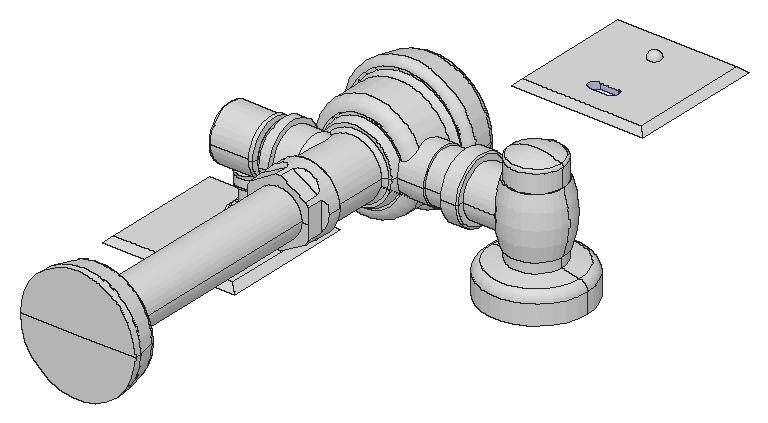
Revit family "Plumbing-Flushometer-Sloan-Valve-Sloan-111-ESS_", category Plumbing Fixtures, host Face, Revit 2019
Family settings
  Host = Face
  Round Connector Dimension = Use Diameter
  Part Type = Normal
  OmniClass Number = 23.45.05.14.99
  OmniClass Title = Other Sanitary Washing Plumbing Fixtures
  Cut with Voids When Loaded = No
  Shared = No
  Room Calculation Point = No
Parameters (values of type "Not a Type - Load Type Catalog!")
  Water Inlet Connection Diameter = 3" / 4  # 3/4"
  Waste Connection = no
  WFU = 0
  Voltage = 24 V
  Vent Connection = no
  Valve Pressure Drop = 0.00 psi
  URL = "www.sloanvalve.com"
  True Mechanical Override = no
  Product data url = "https://bimobject.com/sloan_valve/product/flushometers_sloan-111-ess"
  Product Material = Sloan Valve - Finish - Polished Chrome
  Product Guid = ""
  Power Factor = 1
  Part Number = ""
  Operating Water Pressure = "15 – 80 PSI (103 – 552 kPa)"  # constant formula
  Number of Poles = 1
  Model = "Model not specified - Load type catalog!"
  Manufacturer = "Sloan Valve"  # constant formula
  Keynote = "15410"
  Height = 23"  # constant formula
  HWFU = 0
  HW Connection = no
  Flush Rate = "0"
  Edition number = 1
  Description = ""
  Default Elevation = 0"
  Current = 0 A
  Centerline of Supply to Centerline of Valve = 4 3/4"  # constant formula
  Centerline of Supply from Top of Fixture = 11 1/2"  # constant formula
  CWFU = 0
  CW Connection = yes
  Assembly Code = "D2020300"
  Array Distance = 0"  # constant formula
  Array Count = if(True Mechanical Override, 2, 3)  # 3
  Apparent Load = (Voltage * Current) / (Power Factor * Number of Poles)  # 0 VA
Reference planes (in)
  plane 1 "Center (Front/Back)": y = 0
  plane 2: z = 0
  plane 3 "Center (Left/Right)": x = 0
  plane 4: y = -11.5
  plane 5: x = -2.83227
  plane 6: x = -2.83227
Forms (in)
  Extrusion 1, solid, material "Sloan Valve - Finish - Polished Chrome" <- "Product Material", not visible
    sketch origin (0, 0, 0) x (1, 0, 0) y (0, 1, 0)
      loop
        circle (-2.83227, -2.5) r 0.10921
    from 0 to 0.09375
  Extrusion 2, solid, material "Sloan Valve - Finish - Polished Chrome" <- "Product Material", not visible
    sketch origin (0, 0, 0) x (1, 0, 0) y (0, 1, 0)
      loop
        circle (-2.83227, -2.5) r 0.10921
    from 0 to 0.09375
  Extrusion 3, solid, material "Sloan Valve - Finish - Polished Chrome" <- "Product Material", not visible
    sketch origin (0, 0, 0) x (1, 0, 0) y (0, 1, 0)
      loop
        circle (-2.83227, -2.5) r 0.10921
    from 0 to 0.09375
Lines and regions (in)
  model lines, not visible
    curve 1: line (-2.83227, -2.39079, 0) -> (-2.83227, -2.60921, 0)
    curve 2: line (-2.83227, -2.39079, 0) -> (-2.83227, -2.60921, 0)
    curve 3: line (-2.83227, -2.39079, 0) -> (-2.83227, -2.60921, 0)
Dimensions and locks (in)
  locked: plane 5 to plane 3 "Center (Left/Right)" at 2.83227
  "Array Distance": plane 6 to plane 5
  equal spacing: group 3, group 2, group 1
  equal spacing: group 1, group 2, group 3  (x2)
  aligned and locked: plane 2 to host face
  aligned and locked: level to host face
  aligned and locked: plane 6 to curve 2
Automatic sketch dimensions
  host sketch curve to host sketch curve = 96"  (x2)
Nested families (in)
  nested 1: "Geometry" at (0, -11.5, 0) x (1, 0, 0) z (0, 1, 0), type "Geometry"
Connectors (in)
  piping at (4.75, 0, 0), diameter 0.75, driven by "Water Inlet Connection Diameter", driven by "CWFU", driven by "Valve Pressure Drop"
    settings: on nested 1, index 3, connector inside diameter 24", connector length 0", flow factor 0, pipe flow 0 GPM, pressure drop 0.00 psi, fitting loss kfactor 0, connector angle 0.00°, fixture units 0, engagement length 0", angle of deflection 0.00°, flow configuration 3, flow direction 1, fitting loss method 4, system type 20, joint type 0, gender type 0, connector reference index -1, connector utility 0, adjustable connector no, is connector primary yes, connector description "Water Inlet Connection"
  electrical at (0, 9.5, 0), driven by "Number of Poles", driven by "Voltage", driven by "Apparent Load", driven by "Power Factor"
    settings: on nested 1, index 5, voltage 24 V, apparent load 0 VA, apparent load phase1 0 VA, apparent load phase2 0 VA, apparent load phase3 0 VA, power factor 1, load classification "Other", number of poles 1, system type 31, power factor state 1, is connector primary yes, connector utility no, sub classification motor no, connector description "Electrical Connection"
  electrical at (-2.83227, -2.5, 0), driven by "Number of Poles", driven by "Voltage", driven by "Apparent Load", driven by "Power Factor"
    settings: on Extrusion 3, index 6, voltage 24 V, apparent load 0 VA, apparent load phase1 0 VA, apparent load phase2 0 VA, apparent load phase3 0 VA, power factor 1, load classification "Other", number of poles 1, system type 31, power factor state 1, is connector primary no, connector utility no, sub classification motor no, connector description "Electrical Connection"
Definition of nested family "Geometry"
  Parameters (values of type "Geometry")
    URL = ""
    True Mechanical Override = no
    Product Material = none
    Not True Mechanical Override = not(True Mechanical Override)  # yes
    Model = ""
    Manufacturer = ""
    Keynote = ""
    Description = ""
    Default Elevation = 0"
    Assembly Code = ""
  Reference planes (in)
    plane 1 "Center (Front/Back)": y = 0
    plane 2: z = 0
    plane 3 "Center (Left/Right)": x = 0
    plane 4: x = 4.75
    plane 5: y = -2.25
    plane 6: z = 11.5
    plane 7: z = 9
    plane 8: z = 19
  Forms (in)
    Extrusion 1, solid
      sketch origin (0, 0, 0) x (1, 0, 0) y (0, 1, 0)
        loop
          line (-48, 48) -> (-48, -48) -> (48, -48) -> (48, 48) -> (-48, 48)
      from 0 to -12
    Extrusion 2, solid, material <- "Product Material", not visible
      sketch origin (0, 0, 0) x (1, 0, 0) y (0, 0, 1)
        loop
          circle (4.75, 11.5) r 1
      from 0.07956 to 0
    Revolve 3, solid, material <- "Product Material"
      sketch origin (-0.0001, -2.25, 12.43447) x (1, 0, 0) y (0, 0, 1)
        loop
          line (-1.84088, 0.97112) -> (-1.98591, 0.26072)
          arc (-1.98591, 0.26072) -> (-1.94133, 0.07985) -> (-1.77304, 0) r 0.21726
          line (-1.77304, 0) -> (0, 0) -> (0, 1.45669) -> (-1.14173, 1.45669) -> (-1.14173, 1.1811)
          arc (-1.14173, 1.1811) -> (-1.39649, 1.17291) -> (-1.6502, 1.14839) r 3.96766
          arc (-1.6502, 1.14839) -> (-1.77395, 1.09032) -> (-1.84088, 0.97112) r 0.22389
        axis (0, 0) -> (0, 1.45669)
      angle from 0 to 360
    Blend 4, solid, material <- "Product Material"
      base sketch origin (-7.0595, -182.25, 14.00927) x (-1, 0, 0) y (0, -1, 0)
        loop
          circle (-7.0594, -180) r 0.74803
      top sketch origin (-7.0595, -182.25, 14.00927) x (-1, 0, 0) y (0, -1, 0)
        loop
          circle (-7.0594, -180) r 0.68898
      from -0.11811 to 0
    Revolve 5, solid, material <- "Product Material"
      sketch origin (0, 3, 11.5) x (1, 0, 0) y (0, 1, 0)
        loop
          arc (5.59646, -6.1752) -> (5.75502, -5.25) -> (5.59646, -4.3248) r 2.77845
          line (5.59646, -4.3248) -> (5.5374, -4.3248) -> (5.5374, -3.99194)
          arc (5.5374, -3.99194) -> (5.8144, -3.95568) -> (6.08617, -3.89103) r 2.70259
          arc (6.08617, -3.89103) -> (6.24431, -3.78128) -> (6.30512, -3.59864) r 0.3047
          line (6.30512, -3.59864) -> (6.30512, -3) -> (4.75, -3) -> (4.75, -6.97813)
          arc (4.75, -6.97813) -> (5.13409, -6.94086) -> (5.49815, -6.81288) r 1.60287
          arc (5.49815, -6.81288) -> (5.54115, -6.77387) -> (5.55709, -6.71804) r 0.10577
          line (5.55709, -6.71804) -> (5.55709, -6.1752) -> (5.59646, -6.1752)
        axis (4.75, -3) -> (4.75, -6.97813)
      angle from 0 to 360
    Revolve 6, solid, material <- "Product Material"
      sketch origin (0, -2.25, -15) x (1, 0, 0) y (0, 0, 1)
        loop
          arc (1.62452, 15.80131) -> (1.60347, 15.8387) -> (1.56484, 15.85742) r 0.07182
          arc (1.56484, 15.85742) -> (1.31901, 15.8862) -> (1.07186, 15.89959) r 3.96766
          line (1.07186, 15.89959) -> (1.07186, 16.02394) -> (0.9903, 16.02394) -> (0.95784, 16.10206) -> (0, 16.10206) -> (0, 15) -> (1.75, 15) -> (1.75, 15.21098) -> (1.62452, 15.80131)
        axis (0, 15) -> (0, 16.10206)
      angle from 0 to 360
    Revolve 7, solid, material <- "Product Material"
      sketch origin (0, -2.25, -15) x (1, 0, 0) y (0, 0, 1)
        loop
          line (0, 27.43447) -> (-1.71373, 27.43447)
          arc (-1.71373, 27.43447) -> (-1.64614, 27.31751) -> (-1.62266, 27.18447) r 0.38866
          line (-1.62266, 27.18447) -> (-1.62266, 26.16955)
          arc (-1.62266, 26.16955) -> (-1.52037, 25.92259) -> (-1.27341, 25.8203) r 0.34925
          line (-1.27341, 25.8203) -> (-1.20079, 25.8203)
          arc (-1.20079, 25.8203) -> (-1.16119, 25.68159) -> (-1.10236, 25.54988) r 1.01634
          line (-1.10236, 25.54988) -> (-1.00394, 25.54988)
          arc (-1.00394, 25.54988) -> (-0.93739, 25.49173) -> (-0.90551, 25.40931) r 0.18455
          line (-0.90551, 25.40931) -> (-0.90551, 23.77305) -> (0, 23.77305) -> (0, 27.43447)
        axis (0, 27.43447) -> (0, 23.77305)
      angle from 0 to 360
    Revolve 8, solid, material <- "Product Material"
      sketch origin (0, -2.25, -15) x (1, 0, 0) y (0, 0, 1)
        loop
          line (0, 27.30709) -> (0, 26.5) -> (4.10919, 26.5) -> (4.10919, 27.26772) -> (3.12494, 27.26772) -> (3.12494, 27.4256)
          arc (3.12494, 27.4256) -> (3.11182, 27.45569) -> (3.09564, 27.48425) r 0.31531
          line (3.09564, 27.48425) -> (2.62298, 27.48425)
          arc (2.62298, 27.48425) -> (2.6068, 27.45569) -> (2.59369, 27.4256) r 0.31531
          line (2.59369, 27.4256) -> (2.59369, 27.26772) -> (1.97042, 27.26772) -> (1.97042, 27.30709) -> (0, 27.30709)
        axis (0, 26.5) -> (4.10919, 26.5)
      angle from 0 to 360
    Revolve 9, solid, material <- "Product Material"
      sketch origin (60, -2.25, 65) x (1, 0, 0) y (0, 0, 1)
        loop
          line (-60, -57.38201) -> (-60, -63.89764) -> (-59.28125, -63.89764) -> (-59.28125, -57.38201) -> (-60, -57.38201)
        axis (-60, -63.89764) -> (-60, -57.38201)
      angle from 0 to 360
    Blend 10, solid, material <- "Product Material", visible <- "Not True Mechanical Override"
      base sketch origin (2.08899, 0, -27) x (-1, 0, 0) y (0, 0, 1)
        loop
          line (6.92126, 34) -> (6.92126, 38) -> (2.92126, 38) -> (2.92126, 34) -> (6.92126, 34)
      top sketch origin (2.08899, 0, -27) x (-1, 0, 0) y (0, 0, 1)
        loop
          line (3.10876, 37.8125) -> (3.10876, 34.1875) -> (6.73376, 34.1875) -> (6.73376, 37.8125) -> (3.10876, 37.8125)
      from 0 to -0.1875
    Extrusion 11, solid, visible <- "Not True Mechanical Override"
      sketch origin (2.08899, 0, -27) x (-1, 0, 0) y (0, 0, 1)
        loop
          line (5.1901, 35.1875) -> (4.65242, 35.1875)
          arc (4.65242, 35.1875) -> (4.46492, 35) -> (4.65242, 34.8125) r 0.1875
          line (4.65242, 34.8125) -> (5.1901, 34.8125)
          arc (5.1901, 34.8125) -> (5.3776, 35) -> (5.1901, 35.1875) r 0.1875
      from -0.1875 to 0
    Revolve 12, solid, material <- "Product Material"
      sketch origin (-21.18652, -2.25, 142.48048) x (-1, 0, 0) y (0, 0, 1)
        loop
          line (-17.49676, -132.48048) -> (-17.49676, -132.32371)
          arc (-17.49676, -132.32371) -> (-17.55143, -132.19171) -> (-17.68344, -132.13703) r 0.18668
          line (-17.68344, -132.13703) -> (-17.80926, -132.13703) -> (-17.80926, -131.72972)
          arc (-17.80926, -131.72972) -> (-17.8272, -131.68642) -> (-17.8705, -131.66848) r 0.06124
          line (-17.8705, -131.66848) -> (-19.05926, -131.66848) -> (-19.05926, -131.63673) -> (-19.18583, -131.63673) -> (-19.18583, -131.80449) -> (-19.30926, -131.80449) -> (-19.30926, -131.67656) -> (-19.46587, -131.51995) -> (-19.74676, -131.51995) -> (-19.74676, -131.66002) -> (-20.41075, -131.66002) -> (-21.18736, -131.80449) -> (-21.18736, -132.48048) -> (-17.49676, -132.48048)
        axis (-17.49676, -132.48048) -> (-21.18736, -132.48048)
      angle from 0 to 360
    Revolve 13, solid, material <- "Product Material", visible <- "Not True Mechanical Override"
      sketch origin (-10.42907, -5.85827, 10.00087) x (-1, 0, 0) y (0, -1, 0)
        loop
          line (-7.40495, -4.81107) -> (-7.31564, -4.81107)
          arc (-7.31564, -4.81107) -> (-7.29598, -4.80293) -> (-7.28784, -4.78327) r 0.0278
          line (-7.28784, -4.78327) -> (-7.28784, -4.51462)
          arc (-7.28784, -4.51462) -> (-7.28134, -4.46522) -> (-7.26227, -4.41919) r 0.19087
          line (-7.26227, -4.41919) -> (-7.67838, -4.41919) -> (-7.67838, -5.85827) -> (-7.07902, -5.85827) -> (-7.07902, -5.56139) -> (-7.171, -5.56139) -> (-7.171, -5.49077)
          arc (-7.171, -5.49077) -> (-7.17777, -5.47442) -> (-7.19412, -5.46764) r 0.02312
          line (-7.19412, -5.46764) -> (-7.40495, -5.46764) -> (-7.40495, -4.81107)
        axis (-7.67838, -5.85827) -> (-7.67838, -4.41919)
      angle from 0 to 360
    Extrusion 14, void
      sketch origin (2.08899, 0, -27) x (-1, 0, 0) y (0, 0, 1)
        loop
          line (5.1901, 35.1875) -> (4.65242, 35.1875)
          arc (4.65242, 35.1875) -> (4.46492, 35) -> (4.65242, 34.8125) r 0.1875
          line (4.65242, 34.8125) -> (5.1901, 34.8125)
          arc (5.1901, 34.8125) -> (5.3776, 35) -> (5.1901, 35.1875) r 0.1875
      from -0.1875 to 0
    Extrusion 15, solid, material <- "Product Material", visible <- "True Mechanical Override"
      sketch origin (-16.52384, -2.25, 8.75422) x (1, 0, 0) y (0, 0, -1)
        loop
          line (17.30219, -1.28018) -> (17.30219, -0.90573)
          arc (17.30219, -0.90573) -> (17.09998, -0.62807) -> (16.8027, -0.45598) r 0.8305
          line (16.8027, -0.45598) -> (16.24559, -0.45598)
          arc (16.24559, -0.45598) -> (15.94831, -0.62807) -> (15.74609, -0.90573) r 0.8305
          line (15.74609, -0.90573) -> (15.74609, -1.28018)
          arc (15.74609, -1.28018) -> (16.52414, -2.05823) -> (17.30219, -1.28018) r 0.77805
      from 0 to -1.292
    Revolve 16, solid, material <- "Product Material", visible <- "True Mechanical Override"
      sketch origin (0.00031, -2.25, 8.6774) x (0, 1, 0) y (0, 0, -1)
        loop
          line (-1.3974, -2.26773) -> (-1.292, -2.16233) -> (-1.292, -1.35373) -> (-2.963, -1.35373) -> (-2.963, -1.64524)
          arc (-2.963, -1.64524) -> (-2.92492, -1.73716) -> (-2.833, -1.77524) r 0.13
          line (-2.833, -1.77524) -> (-2.512, -1.77524) -> (-2.512, -1.80649)
          arc (-2.512, -1.80649) -> (-2.55655, -1.82494) -> (-2.575, -1.86949) r 0.063
          line (-2.575, -1.86949) -> (-2.575, -1.97503) -> (-2.492, -2.01374) -> (-1.761, -2.01374) -> (-1.761, -2.16133) -> (-1.6546, -2.26773) -> (-1.3974, -2.26773)
        axis (-1.292, -1.35373) -> (-2.963, -1.35373)
      angle from 0 to 360
    Blend 17, solid, material <- "Product Material"
      base sketch origin (4.92126, 0, -15) x (-1, 0, 0) y (0, 0, 1)
        loop
          line (6.92126, 34) -> (6.92126, 38) -> (2.92126, 38) -> (2.92126, 34) -> (6.92126, 34)
      top sketch origin (4.92126, 0, -15) x (-1, 0, 0) y (0, 0, 1)
        loop
          line (3.10876, 37.8125) -> (3.10876, 34.1875) -> (6.73376, 34.1875) -> (6.73376, 37.8125) -> (3.10876, 37.8125)
      from 0 to -0.1875
    Extrusion 18, solid
      sketch origin (4.92126, 0, -15) x (-1, 0, 0) y (0, 0, 1)
        loop
          line (5.1901, 35.1875) -> (4.65242, 35.1875)
          arc (4.65242, 35.1875) -> (4.46492, 35) -> (4.65242, 34.8125) r 0.1875
          line (4.65242, 34.8125) -> (5.1901, 34.8125)
          arc (5.1901, 34.8125) -> (5.3776, 35) -> (5.1901, 35.1875) r 0.1875
      from -0.1875 to 0
    Revolve 19, solid, material <- "Product Material", visible <- "True Mechanical Override"
      sketch origin (-10.42907, -5.85827, 10.00087) x (-1, 0, 0) y (0, -1, 0)
        loop
          line (-7.40495, -4.81107) -> (-7.31564, -4.81107)
          arc (-7.31564, -4.81107) -> (-7.29598, -4.80293) -> (-7.28784, -4.78327) r 0.0278
          line (-7.28784, -4.78327) -> (-7.28784, -4.51462)
          arc (-7.28784, -4.51462) -> (-7.28134, -4.46522) -> (-7.26227, -4.41919) r 0.19087
          line (-7.26227, -4.41919) -> (-7.67838, -4.41919) -> (-7.67838, -5.85827) -> (-6.76652, -5.85827) -> (-6.76652, -5.65514)
          arc (-6.76652, -5.65514) -> (-6.82144, -5.52256) -> (-6.95402, -5.46764) r 0.1875
          line (-6.95402, -5.46764) -> (-7.40495, -5.46764) -> (-7.40495, -4.81107)
        axis (-7.67838, -5.85827) -> (-7.67838, -4.41919)
      angle from 0 to 360
    Extrusion 20, void
      sketch origin (0, 0, 0) x (1, 0, 0) y (0, 0, 1)
        loop
          line (0.26884, 20.1875) -> (-0.26884, 20.1875)
          arc (-0.26884, 20.1875) -> (-0.45634, 20) -> (-0.26884, 19.8125) r 0.1875
          line (-0.26884, 19.8125) -> (0.26884, 19.8125)
          arc (0.26884, 19.8125) -> (0.45634, 20) -> (0.26884, 20.1875) r 0.1875
      from 0 to 0.1875
    Revolve 21, solid, material <- "Product Material", visible <- "Not True Mechanical Override"
      sketch origin (0, -0.1875, 0) x (-1, 0, 0) y (0, 0, 1)
        loop
          arc (0, 22.125) -> (-0.1875, 21.9375) -> (0, 21.75) r 0.1875
          line (0, 21.75) -> (0, 22.125)
        axis (0, 22.125) -> (0, 21.75)
      angle from 180 to 0
  Cuts and joins
    Extrusion 14 cuts Blend 10
    Extrusion 20 cuts Blend 17
  Lines and regions (in)
    Masking region 1
      outline origin (0, 0, 0) x (1, 0, 0) y (0, 1, 0)
        loop
          line (6.30453, 0) -> (3.19547, 0) -> (3.19547, -0.60176)
          arc (3.19547, -0.60176) -> (3.27619, -0.78833) -> (3.4459, -0.90022) r 0.3557
          arc (3.4459, -0.90022) -> (3.7016, -0.962) -> (3.9626, -0.99481) r 2.34951
          line (3.9626, -0.99481) -> (3.9626, -1.3248) -> (3.90354, -1.3248)
          arc (3.90354, -1.3248) -> (3.87677, -1.40444) -> (3.85241, -1.48484) r 2.77845
          line (3.85241, -1.48484) -> (3.12437, -1.48484) -> (3.12437, -1.26142) -> (2.59312, -1.26142) -> (2.59312, -1.44004) -> (1.81594, -1.44004)
          arc (1.81594, -1.44004) -> (-0.07222, -0.26292) -> (-1.86995, -1.574) r 1.98839
          line (-1.86995, -1.574) -> (-2.00069, -1.574) -> (-2.00069, -1.40625) -> (-2.12726, -1.40625) -> (-2.12726, -1.438) -> (-2.33573, -1.438)
          arc (-2.33573, -1.438) -> (-2.35556, -1.39266) -> (-2.36106, -1.34348) r 0.16511
          line (-2.36106, -1.34348) -> (-2.36106, -1.07472)
          arc (-2.36106, -1.07472) -> (-2.36925, -1.05494) -> (-2.38904, -1.04674) r 0.02798
          line (-2.38904, -1.04674) -> (-2.47744, -1.04674) -> (-2.47744, -0.38976) -> (-3.025, -0.38976) -> (-3.025, -1.04674) -> (-3.1134, -1.04674)
          arc (-3.1134, -1.04674) -> (-3.13318, -1.05494) -> (-3.14138, -1.07472) r 0.02798
          line (-3.14138, -1.07472) -> (-3.14138, -1.34348)
          arc (-3.14138, -1.34348) -> (-3.14688, -1.39266) -> (-3.1667, -1.438) r 0.16511
          line (-3.1667, -1.438) -> (-3.31323, -1.438)
          arc (-3.31323, -1.438) -> (-3.35706, -1.45615) -> (-3.37522, -1.49999) r 0.06199
          line (-3.37522, -1.49999) -> (-3.37522, -1.90713) -> (-3.51057, -1.90713)
          arc (-3.51057, -1.90713) -> (-3.63557, -1.95891) -> (-3.68734, -2.08391) r 0.17678
          line (-3.68734, -2.08391) -> (-3.68734, -2.25) -> (-3.68734, -2.41609)
          arc (-3.68734, -2.41609) -> (-3.63557, -2.54109) -> (-3.51057, -2.59287) r 0.17678
          line (-3.51057, -2.59287) -> (-3.37522, -2.59287) -> (-3.37522, -3.00001)
          arc (-3.37522, -3.00001) -> (-3.35706, -3.04385) -> (-3.31323, -3.062) r 0.06199
          line (-3.31323, -3.062) -> (-2.12726, -3.062) -> (-2.12726, -3.09375) -> (-2.00069, -3.09375) -> (-2.00069, -2.926) -> (-1.86995, -2.926)
          arc (-1.86995, -2.926) -> (-0.07217, -4.23708) -> (1.81598, -3.05987) r 1.98839
          line (1.81598, -3.05987) -> (2.59312, -3.05987) -> (2.59312, -3.23579) -> (3.12437, -3.23579) -> (3.12437, -3.01791) -> (3.8532, -3.01791)
          arc (3.8532, -3.01791) -> (3.8772, -3.09693) -> (3.90354, -3.1752) r 2.77845
          line (3.90354, -3.1752) -> (3.94291, -3.1752) -> (3.94291, -3.6752)
          arc (3.94291, -3.6752) -> (3.95934, -3.74449) -> (4.00511, -3.79904) r 0.1544
          arc (4.00511, -3.79904) -> (4.75, -3.97483) -> (5.49489, -3.79904) r 1.66617
          arc (5.49489, -3.79904) -> (5.54066, -3.74449) -> (5.55709, -3.6752) r 0.1544
          line (5.55709, -3.6752) -> (5.55709, -3.1752) -> (5.59646, -3.1752)
          arc (5.59646, -3.1752) -> (5.75502, -2.25) -> (5.59646, -1.3248) r 2.77845
          line (5.59646, -1.3248) -> (5.5374, -1.3248) -> (5.5374, -0.99481)
          arc (5.5374, -0.99481) -> (5.7984, -0.962) -> (6.0541, -0.90022) r 2.34951
          arc (6.0541, -0.90022) -> (6.22381, -0.78833) -> (6.30453, -0.60176) r 0.3557
          line (6.30453, -0.60176) -> (6.30453, 0)
    Masking region 2, visible <- "True Mechanical Override"
      outline origin (0, 0, 0) x (1, 0, 0) y (0, 1, 0)
        loop
          line (-0.66188, -4.12499) -> (-0.66188, -4.742) -> (-0.62099, -4.825) -> (-0.42249, -4.825) -> (-0.42249, -5.08894)
          arc (-0.42249, -5.08894) -> (-0.38729, -5.17391) -> (-0.30232, -5.20911) r 0.12017
          line (-0.30232, -5.20911) -> (0, -5.20911) -> (0.30232, -5.20911)
          arc (0.30232, -5.20911) -> (0.38729, -5.17391) -> (0.42249, -5.08894) r 0.12017
          line (0.42249, -5.08894) -> (0.42249, -4.825) -> (0.62099, -4.825) -> (0.66188, -4.742) -> (0.66188, -4.12499)
          arc (0.66188, -4.12499) -> (0, -4.23839) -> (-0.66188, -4.12499) r 1.98839
        loop
          line (-3.66255, 0) -> (-3.66255, -0.20314)
          arc (-3.66255, -0.20314) -> (-3.60766, -0.33568) -> (-3.47512, -0.39057) r 0.18743
          line (-3.47512, -0.39057) -> (-2.02626, -0.39057)
          arc (-2.02626, -0.39057) -> (-1.89372, -0.33568) -> (-1.83882, -0.20314) r 0.18743
          line (-1.83882, -0.20314) -> (-1.83882, -0.16118) -> (-1.8125, -0.1875) -> (1.8125, -0.1875) -> (2, 0) -> (-3.66255, 0)
    Masking region 3, visible <- "Not True Mechanical Override"
      outline origin (0, 0, 0) x (1, 0, 0) y (0, 1, 0)
        loop
          arc (-2.2712, -0.38976) -> (-2.25136, -0.38154) -> (-2.24314, -0.3617) r 0.02806
          line (-2.24314, -0.3617) -> (-2.24314, -0.29688) -> (-2.15132, -0.29688) -> (-2.15132, -0.1875) -> (-0.18705, -0.1875)
          arc (-0.18705, -0.1875) -> (0, -0.37455) -> (0.18705, -0.1875) r 0.18705
          line (0.18705, -0.1875) -> (1.8125, -0.1875) -> (2, 0) -> (-4.83227, 0) -> (-4.64477, -0.1875) -> (-3.35111, -0.1875) -> (-3.35111, -0.29688) -> (-3.25929, -0.29688) -> (-3.25929, -0.3617)
          arc (-3.25929, -0.3617) -> (-3.25108, -0.38154) -> (-3.23123, -0.38976) r 0.02806
          line (-3.23123, -0.38976) -> (-2.2712, -0.38976)
    symbolic lines, detail levels medium+fine
      curve 1: line (5.59646, -3.1752, 0) -> (3.90354, -3.1752, 0)
      curve 2: line (5.59646, -1.3248, 0) -> (3.90354, -1.3248, 0)
      curve 3: line (3.9594, -1.00041, 0) -> (5.54725, -1.00041, 0)
      curve 4: line (3.12494, -1.29358, 0) -> (3.12494, -2.25, 0)
      curve 5: line (3.12494, -2.25, 0) -> (3.12494, -3.20642, 0)
      curve 6: line (2.59369, -1.29358, 0) -> (2.59369, -2.25, 0)
      curve 7: line (2.59369, -2.25, 0) -> (2.59369, -3.20642, 0)
      curve 12: arc (0.68898, -2.25, 0) -> (0, -1.56102, 0) -> (-0.68898, -2.25, 0) r 0.68898
      curve 13: arc (-0.68898, -2.25, 0) -> (0, -2.93898, 0) -> (0.68898, -2.25, 0) r 0.68898
      curve 15: arc (-1.74112, -1.2897, 0) -> (-1.98839, -2.25, 0) -> (-1.74112, -3.2103, 0) r 1.98839
      curve 16: arc (1.81594, -1.44004, 0) -> (1.98839, -2.25, 0) -> (1.81594, -3.05996, 0) r 1.98839
      curve 23: line (-3.11344, -1.0472, 0) -> (-2.38794, -1.0472, 0)
      curve 24: line (-3.16681, -1.43908, 0) -> (-2.33457, -1.43908, 0)
      curve 25: line (-3.37726, -2.25, 0) -> (-3.37726, -1.49924, 0)
      curve 26: line (-3.37726, -3.00076, 0) -> (-3.37726, -2.25, 0)
      curve 27: line (-2.12726, -2.25, 0) -> (-2.12726, -1.40625, 0)
      curve 28: line (-2.12726, -3.09375, 0) -> (-2.12726, -2.25, 0)
      curve 29: line (-2.00069, -2.25, 0) -> (-2.00069, -1.40625, 0)
      curve 30: line (-2.00069, -3.09375, 0) -> (-2.00069, -2.25, 0)
    symbolic lines, detail levels fine
      curve 8: arc (1.14173, -2.25, 0) -> (0, -1.10827, 0) -> (-1.14173, -2.25, 0) r 1.14173
      curve 9: arc (-1.14173, -2.25, 0) -> (0, -3.39173, 0) -> (1.14173, -2.25, 0) r 1.14173
      curve 10: arc (0.74803, -2.25, 0) -> (0, -1.50197, 0) -> (-0.74803, -2.25, 0) r 0.74803
      curve 11: arc (-0.74803, -2.25, 0) -> (0, -2.99803, 0) -> (0.74803, -2.25, 0) r 0.74803
      curve 14: circle (0, -2.25, 0) r 1.60881 normal (0, 0, 1)
    symbolic lines, visible <- "True Mechanical Override", detail levels medium+fine
      curve 17: line (0.00031, -4.825, 0) -> (-0.62099, -4.825, 0)
      curve 18: line (0.62161, -4.825, 0) -> (0.00031, -4.825, 0)
      curve 19: line (-0.6597, -4.742, 0) -> (0.66031, -4.742, 0)
      curve 31: line (-1.8125, -0.1875, 0) -> (-2, 0, 0)
    symbolic lines, visible <- "Not True Mechanical Override", detail levels medium+fine
      curve 20: line (-4.64477, -0.1875, 0) -> (1.8125, -0.1875, 0)
      curve 21: line (-3.35005, -0.29688, 0) -> (-2.15132, -0.29688, 0)
      curve 22: line (-3.23495, -0.39063, 0) -> (-2.26643, -0.39063, 0)
  Dimensions and locks (in)
    Extrusion 2 sketch curve to plane 2 = 11 1/2"
    Extrusion 2 sketch curve to plane 3 "Center (Left/Right)" = 4 3/4"
    plane 3 "Center (Left/Right)" to plane 4 = 4 3/4"
    plane 6 to plane 2 = 11 1/2"
    plane 7 to Extrusion 11 sketch curve to Extrusion 11 sketch curve = 13/16" locked, 3/8" locked
    Blend 10 sketch curve to plane 7 to Blend 10 sketch curve = 1 13/16" locked, 1 13/16" locked
    Blend 10 sketch curve to plane 7 to Blend 10 sketch curve = 2" locked, 2" locked
    locked: plane 6 to plane 7 at 2.5
    locked: plane 8 to level at 19
    locked: Extrusion 18 sketch curve to Extrusion 18 sketch curve at 0.375
    Blend 17 sketch curve to Blend 17 sketch curve = 3 5/8"
    Blend 17 sketch curve to Blend 17 sketch curve = 4"
    aligned and locked: plane 2 to Extrusion 1
    aligned and locked: level to Extrusion 1
    aligned and locked: Extrusion 2 to plane 1 "Center (Front/Back)"
    aligned and locked: Extrusion 20 to plane 1 "Center (Front/Back)"
  Nested families (in)
    nested 1: "Royal Adapter TYPE-2" at (0.00001, -2.24985, 7.61799) x (-1, 0, 0) z (0, 0, 1), type "Optima Adapter"
  Definition of nested family "Royal Adapter TYPE-2"
    Parameters (values of type "Optima Adapter")
      Flushometer Body = none
      Assembly Code = ""
    Reference planes (in)
      plane 1 "Center (Front/Back)": y = 0
      plane 2 "Bottom": z = 0
      plane 3 "Center (Left/Right)": x = 0
      plane 4: z = 0.6875
      plane 5: z = 0
      plane 6 "Top": z = 1.15625
      plane 7: x = -1.00394
      plane 8: x = 1.00394
      plane 9: y = 1.00394
      plane 10: y = -1.00394
      plane 11: x = -0.90551
      plane 12: x = 0.90551
      plane 13: y = 0.90551
      plane 14: y = -0.90551
    Forms (in)
      Blend 1, solid, material <- "Flushometer Body"
        base sketch origin (0, 0, 0.7874) x (1, 0, 0) y (0, 1, 0)
          loop
            circle (0, 0) r 1.02362
        top sketch origin (0, 0, 0.7874) x (1, 0, 0) y (0, 1, 0)
          loop
            circle (0, 0) r 0.90625
        from 0.26599 to 0.36885
      Revolve 2, solid, material <- "Flushometer Body"
        sketch origin (0, 0, -6.85938) x (1, 0, 0) y (0, 0, 1)
          loop
            line (-1.02362, 7.91276) -> (-1.02362, 6.85938) -> (0, 6.85938) -> (0, 7.91276) -> (-1.02362, 7.91276)
          axis (0, 6.85938) -> (0, 7.91276)
        angle from 0 to 360
      Sweep 3, void
        path origin (0, 0, 0) x (1, 0, 0) y (0, 1, 0)
          loop
            line (-0.89294, 0.51554) -> (-0.89294, -0.51554) -> (0, -1.03108) -> (0.89294, -0.51554) -> (0.89294, 0.51554) -> (0, 1.03108) -> (-0.89294, 0.51554)
        profile origin (-0.89294, 0, 0) x (1, 0, 0) y (0, 0, 1)
          loop
            line (-0.23737, 0) -> (-0.02958, 0) -> (-0.02958, 0.45225)
            arc (-0.02958, 0.45225) -> (-0.08669, 0.63339) -> (-0.23737, 0.74902) r 0.31581
            line (-0.23737, 0.74902) -> (-0.23737, 0)
    Cuts and joins
      Sweep 3 cuts Revolve 2
    Dimensions and locks (in)
      locked: plane 6 "Top" to plane 4 at 0.46875
      locked: plane 4 to plane 5 at 0.6875
      locked: plane 8 to plane 7 at 2.00787
      locked: plane 11 to plane 12 at 1.81102
      locked: plane 9 to plane 10 at 2.00787
      locked: plane 13 to plane 14 at 1.81102
      aligned and locked: level to plane 2 "Bottom"
      aligned and locked: plane 2 "Bottom" to plane 5
      aligned and locked: Blend 1 to plane 6 "Top"
      aligned and locked: Blend 1 to Revolve 2 sketch curve
      aligned and locked: plane 3 "Center (Left/Right)" to Revolve 2 sketch curve
      aligned and locked: Revolve 2 sketch curve to Revolve 2 sketch curve
      aligned and locked: level to Revolve 2 sketch curve
      aligned and locked: profile plane to Sweep 3 sketch curve
